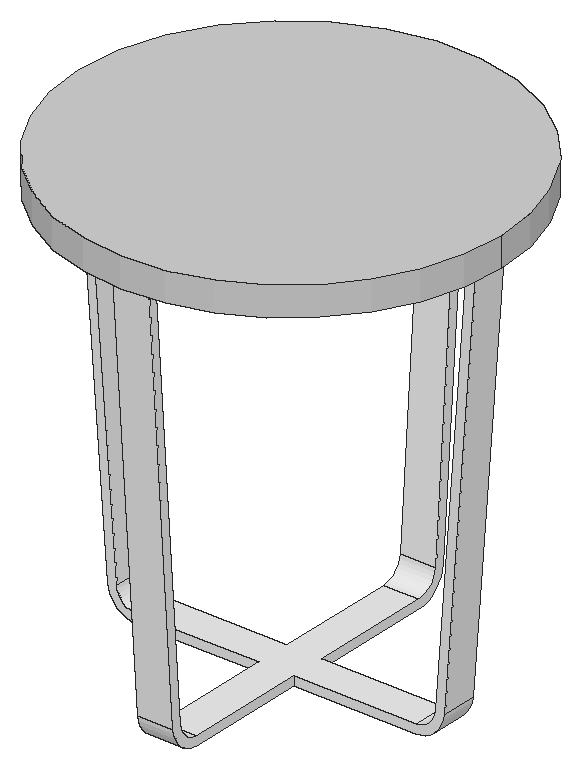
Revit family
Parameters (values of type "18"")
  Width = 1' - 6"
  URL = "http://elanbydecca.com/"
  Top [instance] = Furniture - DECCA (Elan) - Float - Top
  RW = Width / 2  # 0' - 9"
  Base [instance] = Furniture - DECCA (Elan) - Float - Base
  Product URL = "http://elanbydecca.com/PDFs/elan_tearsheet-float.pdf"
  Model = "FT ST100"
  Manufacturer = "Decca Contract"
  Height = 1' - 8"  # constant formula
  Description = "Float Side Table"
  Depth = Width  # 1' - 6"
  Assembly Description = "Furniture & Accessories"
  Assembly Code = "E2020200"
Types (4): name | Width | RW | Model | Depth
  (no name) | 1' - 6" | 0' - 9" | "FT ST100" | 1' - 6"
  18" | 1' - 6" | 0' - 9" | "FT ST100" | 1' - 6"
  20" | 1' - 8" | 0' - 10" | "FT ST105" | 1' - 8"
  24" | 2' - 0" | 1' - 0" | "FT ST110" | 2' - 0"
Reference planes (in)
  plane 1 "Center Front/Back": y = -0.7524
  plane 2: z = 0
  plane 3 "Center Left/Right": x = 0
  plane 4 "L": x = -9
  plane 5 "R": x = 9
  plane 6 "F": y = -9.7524
  plane 7: y = 8.2476
  plane 8: through (-6.25338, 2.33237, 23.38953) normal (0.4297, -0.4297, 0.7941)
  plane 9 "ST": z = 20
  plane 10: z = 0.25
  plane 11: x = -0.75
  plane 12: x = 0.75
  plane 13: y = -0.0024
  plane 14: y = -1.5024
  plane 15: z = 18.75
  plane 16: x = -3
  plane 17: x = 3
  plane 18: y = -3.7524
  plane 19: y = 2.2476
Forms (in)
  Extrusion 1, solid, material "Furniture - DECCA (Elan) - Float - Base" <- "Base"
    sketch origin (0, 0, 0) x (0, 1, 0) y (0, 0, 1)
      loop
        line (7.74127, 18.75) -> (-9.24607, 18.75) -> (-7.92377, 1.40498)
        arc (-7.92377, 1.40498) -> (-7.52701, 0.58314) -> (-6.67738, 0.25) r 1.25
        line (-6.67738, 0.25) -> (5.17258, 0.25)
        arc (5.17258, 0.25) -> (6.02221, 0.58314) -> (6.41897, 1.40498) r 1.25
        line (6.41897, 1.40498) -> (7.74127, 18.75)
      loop
        line (7.33659, 18.375) -> (-8.84139, 18.375) -> (-7.54985, 1.43349)
        arc (-7.54985, 1.43349) -> (-7.27212, 0.8582) -> (-6.67738, 0.625) r 0.875
        line (-6.67738, 0.625) -> (5.17258, 0.625)
        arc (5.17258, 0.625) -> (5.76732, 0.8582) -> (6.04505, 1.43349) r 0.875
        line (6.04505, 1.43349) -> (7.33659, 18.375)
    from -0.75 to 0.75
  Extrusion 2, solid, material "Furniture - DECCA (Elan) - Float - Base" <- "Base"
    sketch origin (0, -16.42176, 0) x (1, 0, 0) y (0, 0, -1)
      loop
        line (-7.17333, -1.40498) -> (-8.49563, -18.75) -> (8.49563, -18.75) -> (7.17333, -1.40498)
        arc (7.17333, -1.40498) -> (6.77657, -0.58314) -> (5.92694, -0.25) r 1.25
        line (5.92694, -0.25) -> (-5.92694, -0.25)
        arc (-5.92694, -0.25) -> (-6.77657, -0.58314) -> (-7.17333, -1.40498) r 1.25
      loop
        line (-8.09095, -18.375) -> (8.09095, -18.375) -> (6.79941, -1.43349)
        arc (6.79941, -1.43349) -> (6.52168, -0.8582) -> (5.92694, -0.625) r 0.875
        line (5.92694, -0.625) -> (-5.92694, -0.625)
        arc (-5.92694, -0.625) -> (-6.52168, -0.8582) -> (-6.79941, -1.43349) r 0.875
        line (-6.79941, -1.43349) -> (-8.09095, -18.375)
    from 14.91936 to 16.41936
  Extrusion 3, solid, material "Furniture - DECCA (Elan) - Float - Top" <- "Top"
    sketch origin (0, 0, 20) x (-1, 0, 0) y (0, -1, 0)
      loop
        circle (0, 0.7524) r 9
    from -1.25 to 0
  Extrusion 4, solid, material "Furniture - DECCA (Elan) - Float - Base" <- "Base"
    sketch origin (0, 0, 20) x (-1, 0, 0) y (0, -1, 0)
      loop
        circle (0, -2.2476) r 0.125
      loop
        circle (-3, 0.7524) r 0.125
      loop
        circle (0, 3.7524) r 0.125
      loop
        circle (3, 0.7524) r 0.125
    from -20 to -19.75
Cuts and joins
  joined: Extrusion 1, Extrusion 2, Extrusion 4
Lines and regions (in)
  reference lines
    curve 1: line (-7.06622, -0.7524, 0) -> (-8.49563, -0.7524, 18.75)
    curve 2: line (7.06622, -0.7524, 0) -> (8.49563, -0.7524, 18.75)
    curve 3: line (0, 7.74127, 18.75) -> (0, 6.31186, 0)
    curve 4: line (0, -9.24607, 18.75) -> (0, -7.81666, 0)
Dimensions and locks (in)
  equal spacing: plane 4 "L", plane 3 "Center Left/Right", plane 5 "R"
  equal spacing: plane 7, plane 1 "Center Front/Back", plane 6 "F"
  "Width": plane 4 "L" to plane 5 "R"
  "Depth": plane 7 to plane 6 "F"
  "Height": plane 9 "ST" to level
  plane 13 to plane 1 "Center Front/Back" to plane 14 = 0' - 0 3/4" locked, 0' - 0 3/4" locked
  plane 11 to plane 3 "Center Left/Right" to plane 12 = 0' - 0 3/4" locked, 0' - 0 3/4" locked
  locked: plane 9 "ST" to plane 15 at 1.25
  locked: curve 1 to plane 4 "L" at 1.93378
  locked: curve 1 to plane 4 "L" at 0.50437
  locked: curve 2 to plane 5 "R" at 0.50437
  locked: curve 2 to plane 5 "R" at 1.93378
  locked: plane 7 to curve 3 at 0.50633
  locked: plane 7 to curve 3 at 1.93574
  locked: curve 4 to plane 6 "F" at 0.50633
  locked: curve 4 to plane 6 "F" at 1.93574
  equal spacing: plane 4 "L", plane 16, plane 17, plane 5 "R"
  equal spacing: plane 7, plane 19, plane 18, plane 6 "F"
  "RW": radius of Extrusion 3 sketch curve
  aligned and locked: plane 15 to curve 3
  aligned and locked: level to curve 3
  aligned and locked: Extrusion 1 to plane 11
  aligned and locked: Extrusion 1 to plane 12
  aligned and locked: Extrusion 2 to plane 13
  aligned and locked: Extrusion 2 to plane 14
  aligned and locked: Extrusion 3 to plane 15
  aligned and locked: plane 9 "ST" to Extrusion 3
  aligned and locked: Extrusion 4 to level
  aligned and locked: plane 10 to Extrusion 4
  aligned: Extrusion 2 to Extrusion 1
  aligned and locked: curve 1 to Extrusion 2 sketch curve
  aligned and locked: curve 2 to Extrusion 2 sketch curve
  aligned and locked: plane 15 to Extrusion 2 sketch curve
  aligned and locked: plane 10 to Extrusion 2 sketch curve
  aligned and locked: plane 15 to Extrusion 1 sketch curve
  aligned and locked: Extrusion 1 sketch curve to curve 3
  aligned and locked: Extrusion 1 sketch curve to curve 4
  aligned and locked: plane 10 to Extrusion 1 sketch curve
Automatic sketch dimensions
  curve 4 to plane 15 = 0' - 0"
  curve 4 to level = 0' - 0"
  curve 1 to plane 15 = 0' - 0"
  curve 1 to level = 0' - 0"
  curve 2 to level = 0' - 0"
  curve 2 to plane 15 = 0' - 0"
  plane 1 "Center Front/Back" to Extrusion 3 sketch curve = 0' - 0"
  Extrusion 3 sketch curve to plane 3 "Center Left/Right" = 0' - 0"
  plane 1 "Center Front/Back" to Extrusion 4 sketch curve = 0' - 0"  (x2)
  Extrusion 4 sketch curve to plane 17 = 0' - 0"
  Extrusion 4 sketch curve to plane 3 "Center Left/Right" = 0' - 0"  (x2)
  Extrusion 4 sketch curve to plane 16 = 0' - 0"
  plane 19 to Extrusion 4 sketch curve = 0' - 0"
  Extrusion 4 sketch curve to plane 18 = 0' - 0"
  Extrusion 2 sketch curve to plane 10 = 0' - 1.15498"  (x2)
  Extrusion 2 sketch curve to plane 10 = 0' - 1 1/4"
  Extrusion 2 sketch curve to plane 5 "R" = 0' - 3.07306"
  plane 15 to Extrusion 2 sketch curve = 0' - 0 3/8"
  Extrusion 2 sketch curve to Extrusion 2 sketch curve = 0' - 0.37392"
  Extrusion 2 sketch curve to Extrusion 2 sketch curve = 0' - 0.40468"  (x2)
  Extrusion 2 sketch curve to Extrusion 2 sketch curve = 0' - 0.02851"  (x2)
  Extrusion 2 sketch curve to Extrusion 2 sketch curve = 0' - 0"  (x4)
  plane 10 to Extrusion 1 sketch curve = 0' - 1.15498"  (x2)
  plane 10 to Extrusion 1 sketch curve = 0' - 1 1/4"  (x2)
  Extrusion 1 sketch curve to plane 15 = 0' - 0 3/8"
  Extrusion 1 sketch curve to Extrusion 1 sketch curve = 0' - 0.40468"  (x2)
  Extrusion 1 sketch curve to Extrusion 1 sketch curve = 0' - 0.02851"  (x2)
  Extrusion 1 sketch curve to Extrusion 1 sketch curve = 0' - 0"  (x4)
  Extrusion 1 sketch curve to Extrusion 1 sketch curve = 0' - 0.37392"
  radius of Extrusion 4 sketch curve = 0' - 0 1/8"  (x4)
